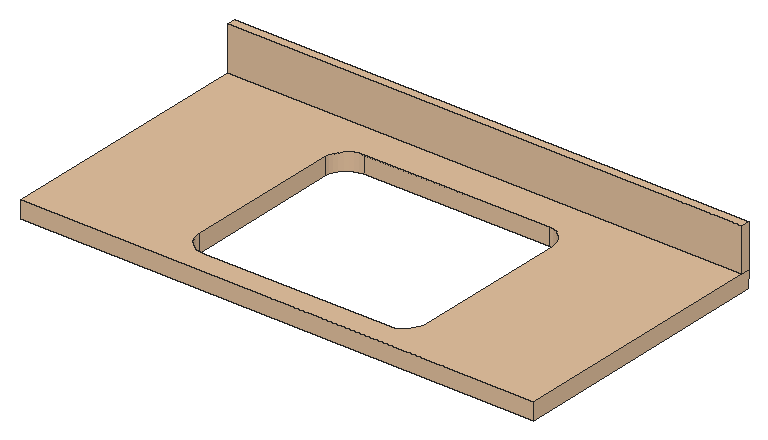
Revit family
Parameters (values of type "600mm Depth")
  Counter Thickness = 40 mm
  Counter Top Material = none
  Depth = 625 mm
  Height [instance] = 750 mm
  Length [instance] = 1200 mm
  Sink Location [instance] = 600 mm
  Sink Location To Wall [instance] = 115 mm
  Sink Opening Depth [instance] = 445 mm
  Sink Opening Width [instance] = 508 mm
Reference planes
  plane 1 "Back": y = 0
  plane 2: z = 0
  plane 3 "Left": x = -1268.725
  plane 4 "Right": x = -68.725
  plane 5 "Front": y = -625
  plane 6 "Top": z = 750
  plane 7: z = 710
  plane 8: y = -19.05
  plane 9: z = 851.6
  plane 10: x = -668.725
  plane 11: y = -115
  plane 12: x = -414.725
  plane 13: y = -560
  plane 14: x = -922.725
  plane 15: y = -102.3
  plane 16: x = -402.025
  plane 17: y = -572.7
  plane 18: x = -935.425
Forms (mm)
  Extrusion 1, solid, material <- "Counter Top Material"
    sketch origin (0, 0, 0) x (1, 0, 0) y (0, 1, 0)
      loop
        line (-1268.725, 0) -> (-1268.725, -625) -> (-68.725, -625) -> (-68.725, 0) -> (-1268.725, 0)
    from 710 to 750
  Extrusion 2, solid, material <- "Counter Top Material"
    sketch origin (0, 0, 0) x (1, 0, 0) y (0, 1, 0)
      loop
        line (-68.725, 0) -> (-1268.725, 0) -> (-1268.725, -19.05) -> (-68.725, -19.05) -> (-68.725, 0)
    from 750 to 851.6
  Extrusion 3, void
    sketch origin (0, 0, 0) x (1, 0, 0) y (0, 1, 0)
      loop
        line (-935.425, -153.1) -> (-935.425, -521.9)
        arc (-935.425, -521.9) -> (-920.546, -557.821) -> (-884.625, -572.7) r 50.8
        line (-884.625, -572.7) -> (-452.825, -572.7)
        arc (-452.825, -572.7) -> (-416.904, -557.821) -> (-402.025, -521.9) r 50.8
        line (-402.025, -521.9) -> (-402.025, -153.1)
        arc (-402.025, -153.1) -> (-416.904, -117.179) -> (-452.825, -102.3) r 50.8
        line (-452.825, -102.3) -> (-884.625, -102.3)
        arc (-884.625, -102.3) -> (-920.546, -117.179) -> (-935.425, -153.1) r 50.8
    from 710 to 750
Cuts and joins
  Extrusion 3 cuts Extrusion 1
  Extrusion 3 cuts Extrusion 2
Lines and regions (mm)
  Masking region 1
    outline origin (0, 0, 0) x (1, 0, 0) y (0, 1, 0)
      loop
        line (-1268.725, -625) -> (-68.725, -625) -> (-68.725, 0) -> (-1268.725, 0) -> (-1268.725, -625)
  symbolic lines, style "Counter Top"
    curve 1: line (-1268.725, -19.05, 0) -> (-68.725, -19.05, 0)
  symbolic lines, style "Sink Opening"
    curve 2: line (-871.925, -115, 0) -> (-465.525, -115, 0)
    curve 3: line (-922.725, -509.2, 0) -> (-922.725, -165.8, 0)
    curve 4: line (-465.525, -560, 0) -> (-871.925, -560, 0)
    curve 5: line (-414.725, -165.8, 0) -> (-414.725, -509.2, 0)
    curve 6: arc (-922.725, -165.8, 0) -> (-907.846, -129.879, 0) -> (-871.925, -115, 0) r 50.8
    curve 7: arc (-465.525, -115, 0) -> (-429.604, -129.879, 0) -> (-414.725, -165.8, 0) r 50.8
    curve 8: arc (-414.725, -509.2, 0) -> (-429.604, -545.121, 0) -> (-465.525, -560, 0) r 50.8
    curve 9: arc (-871.925, -560, 0) -> (-907.846, -545.121, 0) -> (-922.725, -509.2, 0) r 50.8
Dimensions and locks
  "Depth": plane 5 "Front" to plane 1 "Back"
  "Length": plane 3 "Left" to plane 4 "Right"
  "Height": level to plane 6 "Top"
  "Counter Thickness": plane 7 to plane 6 "Top"
  locked: plane 8 to plane 1 "Back" at 19.05
  plane 6 "Top" to plane 9 = 101.6 mm
  "Sink Opening Width": plane 14 to plane 12
  "Sink Opening Depth": plane 13 to plane 11
  "Sink Location": plane 3 "Left" to plane 10
  equal spacing: plane 14, plane 10, plane 12
  "Sink Location To Wall": plane 11 to plane 1 "Back"
  locked: plane 18 to plane 14 at 12.7
  locked: plane 12 to plane 16 at 12.7
  locked: plane 11 to plane 15 at 12.7
  locked: plane 13 to plane 17 at 12.7
  aligned and locked: Extrusion 1 sketch curve to plane 1 "Back"
  aligned and locked: plane 4 "Right" to Extrusion 1 sketch curve
  aligned and locked: plane 5 "Front" to Extrusion 1 sketch curve
  aligned and locked: Extrusion 1 sketch curve to plane 3 "Left"
  aligned and locked: plane 6 "Top" to Extrusion 1
  aligned and locked: Extrusion 1 to plane 7
  aligned and locked: plane 1 "Back" to Extrusion 2 sketch curve
  aligned and locked: Extrusion 2 sketch curve to plane 8
  aligned and locked: Extrusion 2 sketch curve to plane 4 "Right"
  aligned and locked: plane 3 "Left" to Extrusion 2 sketch curve
  aligned and locked: Extrusion 2 to plane 9
  aligned and locked: Extrusion 2 to plane 6 "Top"
  aligned and locked: curve 2 to plane 11
  aligned and locked: plane 12 to curve 5
  aligned and locked: plane 6 "Top" to Extrusion 3
  aligned and locked: Extrusion 1 to Extrusion 3
  aligned and locked: plane 18 to Extrusion 3 sketch curve
  aligned and locked: Extrusion 3 sketch curve to plane 15
  aligned and locked: plane 16 to Extrusion 3 sketch curve
  aligned and locked: plane 17 to Extrusion 3 sketch curve
  aligned: cut or joined group of Extrusion 1, Extrusion 3 to Masking region 1 sketch curve
  aligned: Masking region 1 sketch curve to cut or joined group of Extrusion 1, Extrusion 3  (x3)
Automatic sketch dimensions
  curve 6 to plane 14 = 0 mm
  curve 4 to plane 13 = 0 mm
  curve 1 to plane 8 = 0 mm
  plane 12 to curve 8 = 50.8 mm
  curve 2 to plane 14 = 50.8 mm
  plane 12 to curve 2 = 50.8 mm
  curve 4 to plane 14 = 50.8 mm
  Extrusion 3 sketch curve to plane 14 = 38.1 mm  (x2)
  plane 12 to Extrusion 3 sketch curve = 38.1 mm
  plane 11 to Extrusion 3 sketch curve = 38.1 mm
  curve 1 to plane 3 "Left" = 0 mm
  curve 1 to plane 4 "Right" = 0 mm
  Masking region 1 sketch curve to plane 1 "Back" = 0 mm
  Masking region 1 sketch curve to plane 3 "Left" = 0 mm
  Masking region 1 sketch curve to plane 4 "Right" = 0 mm
  Masking region 1 sketch curve to plane 5 "Front" = 0 mm
